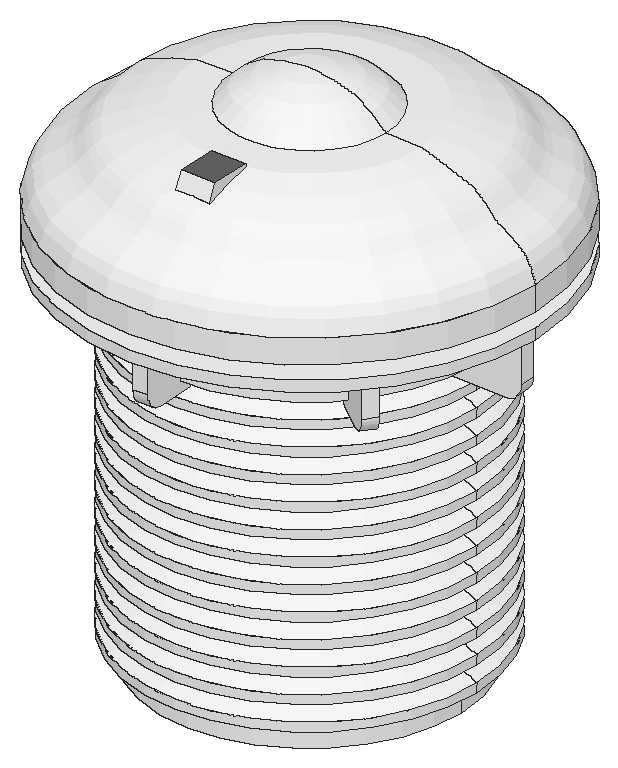
Revit family "BTSMP-LMI", category Communication Devices, host Face, Revit 2021
Family settings
  Host = Face
  Maintain Annotation Orientation = No
  Round Connector Dimension = Use Diameter
  Part Type = Normal
  OmniClass Number = 23.85.80.11.27
  OmniClass Title = Lighting Controls
  Cut with Voids When Loaded = No
  Shared = Yes
  Room Calculation Point = No
Parameters (values of type "BTSMP")
  Width = 1.60"
  Warranty = "5-Years Warranty"  # constant formula
  Type Comments = "Bluetooth® Low Mount Indoor Sensor Module"  # constant formula
  Sensor Type = "Passive Infrared"  # constant formula
  Product Page URL = ""
  Product Documentation Link = ""
  URL = "https://www.currentlighting.com/nxlightingcontrols"
  Mounting = "Up to 14 ft"  # constant formula
  Model = "Low Mount Indoor Sensor Module"  # constant formula
  Manufacturer = " NX Lighting Controls"  # constant formula
  Features = "Passive Infrared (PIR) sensing technology provides excellent major\r\nmotion detection\r\n• Wireless programming using HCS control mobile app\r\n• 0-10V dimming control\r\n• Single/Dual motion sensor timer modes\r\n• Daylight sensor with multiple daylight harvesting modes\r\n• Compact, discrete, low profile fixture sensor"  # constant formula
  Coverage = "1:1 (Mounting Height : Coverage Radius);\r\nUp to 14ft"  # constant formula
  Certifications = "• Conforms with UL STD 508, UL STD 244A"  # constant formula
  Black = Paint -  Carbon Black
  White = Paint -  Matte White
  Description = "The Passive-Infrared Bluetooth sensor module, or BTSMP, is the newest series of the  Control Solutions Bluetooth Sensor family. Perfect for architectural applications, it is smaller, more cost effective, seamlessly integrates with all luminaires and provides simple dimming control using the control app."  # constant formula
  Default Elevation = 48.00"
  Copyright = "Copyright ©  NX Lighting Controls"  # constant formula
  Contact Us = ""
  Assembly Code = "D5090"
Reference planes (in)
  plane 1 "Center (Front/Back)": y = 13.01342
  plane 2: z = 0
  plane 3 "Center (Left/Right)": x = 0
  plane 4: z = 1.3
  plane 5: x = 0.8
  plane 6: x = -0.8
  plane 7: x = 0.6
  plane 8: x = -0.6
  plane 9: z = 1.9
Forms (in)
  Revolve 1, solid, material "Paint -  Matte White" <- "White"
    sketch origin (0, 13.01342, 0) x (1, 0, 0) y (0, 0, 1)
      loop
        line (0, 1.9) -> (0, 0)
        spline (0, 0) -> (0.06578, 0.00012) -> (0.12719, 0.00049) -> (0.18444, 0.00114) -> (0.23771, 0.00211) -> (0.28721, 0.00342) -> (0.33312, 0.00511) -> (0.37564, 0.00719) -> (0.41496, 0.00971) -> (0.45128, 0.01268) -> (0.48479, 0.01615) -> (0.51569, 0.02014) -> (0.54416, 0.02467)
        line (0.54416, 0.02467) -> (0.54416, 0.08263) -> (0.6, 0.10866) -> (0.6, 0.13966) -> (0.53889, 0.16816) -> (0.6, 0.19665) -> (0.6, 0.22765) -> (0.53889, 0.25615) -> (0.6, 0.28464) -> (0.6, 0.31564) -> (0.53889, 0.34413) -> (0.6, 0.37263) -> (0.6, 0.40363) -> (0.53889, 0.43212) -> (0.6, 0.46062) -> (0.6, 0.49162) -> (0.53889, 0.52011) -> (0.6, 0.54861) -> (0.6, 0.57961) -> (0.53889, 0.6081) -> (0.6, 0.6366) -> (0.6, 0.6676) -> (0.53889, 0.69609) -> (0.6, 0.72458) -> (0.6, 0.75558) -> (0.53889, 0.78408) -> (0.6, 0.81257) -> (0.6, 0.84357) -> (0.53889, 0.87207) -> (0.6, 0.90056) -> (0.6, 0.93156) -> (0.53889, 0.96006) -> (0.6, 0.98855) -> (0.6, 1.01955) -> (0.53889, 1.04804) -> (0.6, 1.07654) -> (0.6, 1.10754) -> (0.53889, 1.13603) -> (0.6, 1.16453) -> (0.6, 1.19553) -> (0.53889, 1.22402) -> (0.6, 1.25252) -> (0.6, 1.28352) -> (0.53889, 1.31201) -> (0.80781, 1.31201) -> (0.80781, 1.48634)
        spline (0.80781, 1.48634) -> (0.78398, 1.55102) -> (0.74923, 1.5879) -> (0.70613, 1.61547) -> (0.67219, 1.63915) -> (0.64585, 1.66554) -> (0.62107, 1.69308) -> (0.59292, 1.71598) -> (0.56047, 1.73342) -> (0.51873, 1.74897) -> (0.46004, 1.76803) -> (0.37918, 1.78545) -> (0.27339, 1.78544)
        spline (0.27339, 1.78544) -> (0.25813, 1.80274) -> (0.24151, 1.81862) -> (0.22351, 1.83309) -> (0.20415, 1.84616) -> (0.18342, 1.85782) -> (0.16132, 1.86807) -> (0.13786, 1.87691) -> (0.11302, 1.88435) -> (0.08682, 1.89037) -> (0.05925, 1.89499) -> (0.03031, 1.8982) -> (0, 1.9)
      axis (0, 1.9) -> (0, 0)
    angle from 0 to 360
  Extrusion 2, void
    sketch origin (0, 0, 0) x (1, 0, 0) y (0, 1, 0)
      loop
        circle (0, 13.01342) r 0.9
      loop
        circle (0, 13.01342) r 0.64901
    from 1.4 to 1.35
  Extrusion 3, solid, material "Paint -  Matte White" <- "White"
    sketch origin (0, 13.01342, -0.1587) x (1, 0, 0) y (0, 0, 1)
      loop
        line (0.54058, 1.4781) -> (0.54058, 1.28365) -> (0.73833, 1.28365)
        arc (0.73833, 1.28365) -> (0.78194, 1.30172) -> (0.8, 1.34532) r 0.06167
        line (0.8, 1.34532) -> (0.8, 1.4781) -> (0.54058, 1.4781)
    from 0.05 to 0
  Extrusion 4, solid, material "Paint -  Matte White" <- "White"
    sketch origin (0, 13.01342, -0.1587) x (0.806364, -0.591419, 0) y (0, 0, 1)
      loop
        line (0.54058, 1.4781) -> (0.54058, 1.28365) -> (0.68833, 1.28365)
        arc (0.68833, 1.28365) -> (0.73194, 1.30172) -> (0.75, 1.34532) r 0.06167
        line (0.75, 1.34532) -> (0.75, 1.4781) -> (0.54058, 1.4781)
    from 0.05 to 0
  Extrusion 5, solid, material "Paint -  Matte White" <- "White"
    sketch origin (0, 13.01342, -0.1587) x (0.028208, -0.999602, 0) y (0, 0, 1)
      loop
        line (0.54058, 1.4781) -> (0.54058, 1.28365) -> (0.68833, 1.28365)
        arc (0.68833, 1.28365) -> (0.73194, 1.30172) -> (0.75, 1.34532) r 0.06167
        line (0.75, 1.34532) -> (0.75, 1.4781) -> (0.54058, 1.4781)
    from 0.05 to 0
  Extrusion 6, solid, material "Paint -  Matte White" <- "White"
    sketch origin (0, 13.01342, -0.1587) x (-1, 0, 0) y (0, 0, -1)
      loop
        line (0.54058, -1.4781) -> (0.8, -1.4781) -> (0.8, -1.34532)
        arc (0.8, -1.34532) -> (0.78194, -1.30172) -> (0.73833, -1.28365) r 0.06167
        line (0.73833, -1.28365) -> (0.54058, -1.28365) -> (0.54058, -1.4781)
    from 0.05 to 0
  Extrusion 7, solid, material "Paint -  Matte White" <- "White"
    sketch origin (0, 13.01342, -0.1587) x (-0.806364, -0.591419, 0) y (0, 0, -1)
      loop
        line (0.54058, -1.4781) -> (0.75, -1.4781) -> (0.75, -1.34532)
        arc (0.75, -1.34532) -> (0.73194, -1.30172) -> (0.68833, -1.28365) r 0.06167
        line (0.68833, -1.28365) -> (0.54058, -1.28365) -> (0.54058, -1.4781)
    from 0.05 to 0
  Extrusion 8, solid, material "Paint -  Matte White" <- "White"
    sketch origin (0, 13.01342, -0.1587) x (0.806364, 0.591419, 0) y (0, 0, -1)
      loop
        line (0.54058, -1.4781) -> (0.75, -1.4781) -> (0.75, -1.34532)
        arc (0.75, -1.34532) -> (0.73194, -1.30172) -> (0.68833, -1.28365) r 0.06167
        line (0.68833, -1.28365) -> (0.54058, -1.28365) -> (0.54058, -1.4781)
    from 0.05 to 0
  Extrusion 9, solid, material "Paint -  Matte White" <- "White"
    sketch origin (0, 13.01342, -0.1587) x (0.028208, 0.999602, 0) y (0, 0, -1)
      loop
        line (0.54058, -1.4781) -> (0.75, -1.4781) -> (0.75, -1.34532)
        arc (0.75, -1.34532) -> (0.73194, -1.30172) -> (0.68833, -1.28365) r 0.06167
        line (0.68833, -1.28365) -> (0.54058, -1.28365) -> (0.54058, -1.4781)
    from 0.05 to 0
  Extrusion 10, solid, material "Paint -  Matte White" <- "White"
    sketch origin (0, 13.01342, -0.1587) x (-0.806364, 0.591419, 0) y (0, 0, 1)
      loop
        line (0.54058, 1.4781) -> (0.54058, 1.28365) -> (0.68833, 1.28365)
        arc (0.68833, 1.28365) -> (0.73194, 1.30172) -> (0.75, 1.34532) r 0.06167
        line (0.75, 1.34532) -> (0.75, 1.4781) -> (0.54058, 1.4781)
    from 0.05 to 0
  Blend 11, solid, material "Paint -  Matte White" <- "White"
    base sketch origin (0, 0, 0) x (1, 0, 0) y (0, 1, 0)
      loop
        line (-0.03496, 12.44825) -> (0.08513, 12.44825) -> (0.08513, 12.62267) -> (-0.03496, 12.62267) -> (-0.03496, 12.44825)
    top sketch origin (0, 0, 0) x (1, 0, 0) y (0, 1, 0)
      loop
        line (0.08513, 12.62267) -> (-0.03496, 12.62267) -> (-0.03496, 12.48598) -> (0.08513, 12.48598) -> (0.08513, 12.62267)
    from 1.70527 to 1.79
Cuts and joins
  Extrusion 2 cuts Revolve 1
  joined: Revolve 1, Blend 11
Dimensions and locks (in)
  plane 9 to plane 4 to plane 2 = 0.60", 1.30"
  plane 9 to plane 4 = 0.60"
  equal spacing: plane 5, plane 3 "Center (Left/Right)", plane 6
  "Width": plane 5 to plane 6
  aligned and locked: plane 2 to host face
  aligned and locked: level to host face
Automatic sketch dimensions
  host sketch curve to host sketch curve = 96.00"  (x2)
  Revolve 1 sketch curve to plane 3 "Center (Left/Right)" = 0.00"  (x2)
  Revolve 1 sketch curve to plane 7 = 0.00"  (x14)
  Revolve 1 sketch curve to level = 0.00"
  Revolve 1 sketch curve to plane 9 = 0.00"
  plane 9 to Revolve 1 sketch curve = 0.11456"
  plane 3 "Center (Left/Right)" to Revolve 1 sketch curve = 0.27339"
  Revolve 1 sketch curve to plane 7 = 0.06111"  (x14)
  Revolve 1 sketch curve to plane 4 = 0.01201"
  Revolve 1 sketch curve to plane 7 = 0.05584"
  plane 5 to Revolve 1 sketch curve = 0.00781"
  level to Revolve 1 sketch curve = 0.02467"
  Revolve 1 sketch curve to Revolve 1 sketch curve = 0.05795"
  Revolve 1 sketch curve to Revolve 1 sketch curve = 0.02604"
  Revolve 1 sketch curve to Revolve 1 sketch curve = 0.031"  (x13)
  Revolve 1 sketch curve to Revolve 1 sketch curve = 0.02849"  (x13)
  Revolve 1 sketch curve to Revolve 1 sketch curve = 0.05699"  (x12)
  plane 4 to Revolve 1 sketch curve = 0.04748"
  plane 4 to Revolve 1 sketch curve = 0.01648"
  Revolve 1 sketch curve to Revolve 1 sketch curve = 0.17432"
  Revolve 1 sketch curve to level = 24.00"
  Revolve 1 sketch curve to Revolve 1 sketch curve = 53.62668"
  Extrusion 2 sketch curve to Extrusion 2 sketch curve = 0.00"  (x2)
  plane 1 "Center (Front/Back)" to Extrusion 2 sketch curve = 0.00"
  Extrusion 2 sketch curve to plane 3 "Center (Left/Right)" = 0.00"
  Extrusion 3 sketch curve to plane 5 = 0.00"
  plane 4 to Extrusion 3 sketch curve = 0.17505"
  Extrusion 3 sketch curve to plane 5 = 0.06167"
  Extrusion 3 sketch curve to plane 7 = 0.05942"
  Extrusion 3 sketch curve to Extrusion 3 sketch curve = 0.13277"
  Extrusion 4 sketch curve to plane 4 = 0.0194"
  plane 4 to Extrusion 4 sketch curve = 0.11337"
  Extrusion 4 sketch curve to Extrusion 4 sketch curve = 0.14775"
  Extrusion 4 sketch curve to Extrusion 4 sketch curve = 0.06167"
  Extrusion 5 sketch curve to plane 4 = 0.0194"
  plane 4 to Extrusion 5 sketch curve = 0.11337"
  Extrusion 5 sketch curve to Extrusion 5 sketch curve = 0.14775"
  Extrusion 5 sketch curve to Extrusion 5 sketch curve = 0.06167"
  Extrusion 6 sketch curve to plane 6 = 0.00"
  Extrusion 6 sketch curve to plane 4 = 0.17505"
  Extrusion 6 sketch curve to plane 6 = 0.06167"
  Extrusion 6 sketch curve to plane 8 = 0.05942"
  Extrusion 6 sketch curve to Extrusion 6 sketch curve = 0.13277"
  Extrusion 7 sketch curve to plane 4 = 0.0194"
  plane 4 to Extrusion 7 sketch curve = 0.11337"
  Extrusion 7 sketch curve to Extrusion 7 sketch curve = 0.14775"
  Extrusion 7 sketch curve to Extrusion 7 sketch curve = 0.06167"
  Extrusion 8 sketch curve to plane 4 = 0.0194"
  plane 4 to Extrusion 8 sketch curve = 0.11337"
  Extrusion 8 sketch curve to Extrusion 8 sketch curve = 0.14775"
  Extrusion 8 sketch curve to Extrusion 8 sketch curve = 0.06167"
  Extrusion 9 sketch curve to plane 4 = 0.0194"
  plane 4 to Extrusion 9 sketch curve = 0.11337"
  Extrusion 9 sketch curve to Extrusion 9 sketch curve = 0.14775"
  Extrusion 9 sketch curve to Extrusion 9 sketch curve = 0.06167"
  Extrusion 10 sketch curve to plane 4 = 0.0194"
  plane 4 to Extrusion 10 sketch curve = 0.11337"
  Extrusion 10 sketch curve to Extrusion 10 sketch curve = 0.14775"
  Extrusion 10 sketch curve to Extrusion 10 sketch curve = 0.06167"
  Blend 11 sketch curve to plane 3 "Center (Left/Right)" = 0.03496"  (x2)
  plane 3 "Center (Left/Right)" to Blend 11 sketch curve = 0.08513"  (x2)
  plane 1 "Center (Front/Back)" to Blend 11 sketch curve = 0.56516"
  Blend 11 sketch curve to Blend 11 sketch curve = 0.17442"
  plane 1 "Center (Front/Back)" to Blend 11 sketch curve = 0.52744"
  Blend 11 sketch curve to Blend 11 sketch curve = 0.13669"
  radius of Extrusion 2 sketch curve = 0.90"
  radius of Extrusion 2 sketch curve = 0.64901"
Connectors (in)
  electrical at (0, 12.79105, 0)
    settings: on host face, index 1, voltage 0 V, apparent load 0 VA, apparent load phase1 0 VA, apparent load phase2 0 VA, apparent load phase3 0 VA, power factor 1, load classification "Other", number of poles 1, system type 13, power factor state 1, is connector primary yes, connector utility no, sub classification motor no, connector description ""
